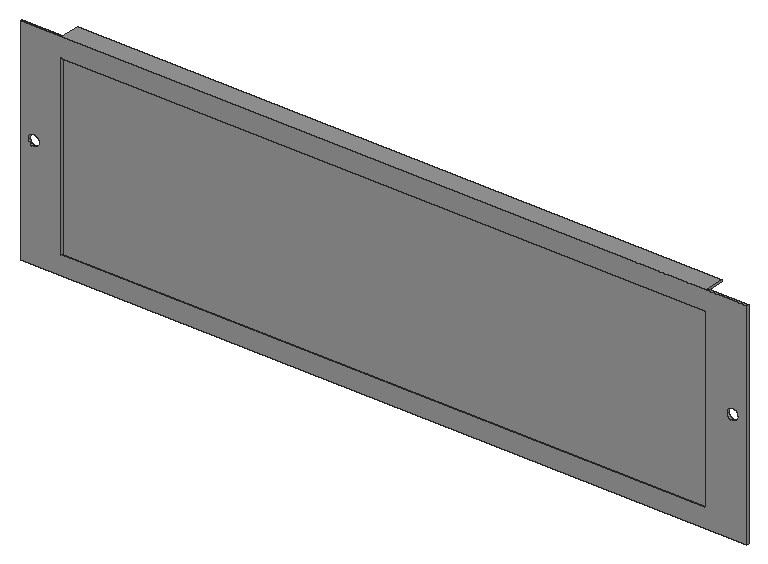
Revit family "ITK 19 Щеточный ввод кабельный ввод 390х115", category Обобщенные модели, Revit 2016
Family settings
  Тип детали = Нормальный
  Может служить основой для арматурных стержней = Нет
  Размер круглого соединителя = Использовать диаметр
  На основе рабочей плоскости = Нет
  Всегда вертикально = Да
  При загрузке вырезать с полостями = Нет
  Общий = Нет
  Точка расчета площади = Нет
Parameters (values of type "BE05-390-115M")
  Ширина = 390 mm
  Высота = 115 mm
  Описание = "Горизонтальные щеточные вводы используются для предотвращения попадания пыли внутрь шкафа и на оборудование при его обслуживании, при этом сохраняя возможность вывода коммутационных шнуров и кабелей и подведения их к оборудованию, установленному на 19-дюмовых монтажных профилях. В этом случае кабели выводятся через щеточный ввод.\r\n\r\nЩеточные вводы устанавливаются на 19-дюймовые монтажные профили, занимая при этом один или два юнита полезной высоты. Монтаж осуществляется с помощью крепежа винт-шайба-гайка, входящего в комплект поставки.\r\nСовместимы со всеми 19-дюймовыми шкафами и стойками ITK.\r\nОбладают современным привлекательным дизайном и продуманной конструкцией.\r\nУдобны в монтаже и эксплуатации.\r\nСоответствие международным стандартам ISO9001, IEC 297, ISO/IEC 11801. \r\nСертифицированы по ГОСТ Р.\r\nВсе аксессуары идут с крепежом.\r\nВозможно исполнение в двух цветах: серый (RAL7035) и черный (RAL9005).\r\nВсегда в наличии на складе.\r\nГарантия на все аксессуары до 2-х лет."  # constant formula
  Материал = Окраска - RAL 9005
  Type Comments = ""
  Изготовитель = "ITK"  # constant formula
  Глубина = 11 mm
  URL = "http://www.itk-group.ru/produktsiya/catalog/?page=section&id=562"
  ADSK_Примечание = ""
  ADSK_Позиция [instance] = ""
  ADSK_Наименование краткое = "BE05-390-115M"
  ADSK_Наименование = "ITK Щеточный кабельный ввод 390х115 мм, черный"
  ADSK_Масса = 0
  ADSK_Марка = "BE05-390-115M"
  ADSK_Код изделия = ""
  ADSK_Завод-изготовитель = "IEK"
  ADSK_Единица измерения = "шт"
  ADSK_Группирование = "I. ЩИТЫ И ПУЛЬТЫ"
Types (2, lengths in mm): name | Материал | ADSK_Наименование краткое | ADSK_Наименование | ADSK_Марка
  BE05-390-115M | Окраска - RAL 9005 | "BE05-390-115M" | "ITK Щеточный кабельный ввод 390х115 мм, черный" | "BE05-390-115M"
  BE35-390-115M | Окраска - RAL 7035 | "BE35-390-115M" | "ITK Щеточный кабельный ввод 390х115 мм, серый" | "BE35-390-115M"
Reference planes
  plane 1 "По центру (Вперед/Назад)": y = 0
  plane 2: z = 0
  plane 3 "По центру (Влево/Вправо)": x = 0
  plane 4: x = -195
  plane 5: x = 195
  plane 6: y = -1
  plane 7: x = -173
  plane 8: x = 173
  plane 9: z = 115
  plane 10: y = 10
  plane 11: z = 105
  plane 12: z = 10
Forms (mm)
  Extrusion 1, solid, material "Окраска - RAL 9005" <- "Материал", detail levels fine
    sketch origin (0, 0, 0) x (1, 0, 0) y (0, 1, 0)
      loop
        line (-195, 0) -> (-195, -1) -> (195, -1) -> (195, 0) -> (-195, 0)
    from 0 to 115
  Extrusion 2, void
    sketch origin (-2000, -1, 1200) x (-1, 0, 0) y (0, 0, -1)
      loop
        circle (-1812.475, 1140) r 2.967
      loop
        circle (-2187.525, 1140) r 2.967
    from -1 to 0
  Extrusion 3, solid, material "Окраска - RAL 9005" <- "Материал", detail levels fine
    sketch origin (-173, 2000, 1200) x (0, 1, 0) y (0, 0, 1)
      loop
        line (-1990, -1085) -> (-2000, -1085) -> (-2000, -1086) -> (-1990, -1086) -> (-1990, -1085)
      loop
        line (-2000, -1200) -> (-1990, -1200) -> (-1990, -1192) -> (-1991, -1192) -> (-1991, -1199) -> (-2000, -1199) -> (-2000, -1200)
    from 0 to 346
  Extrusion 4, void
    sketch origin (-2000, -1, 1200) x (1, 0, 0) y (0, 0, -1)
      loop
        line (1827, 1095) -> (2173, 1095) -> (2173, 1190) -> (1827, 1190) -> (1827, 1095)
    from 0 to 1
  Extrusion 5, solid, material "Окраска - RAL 9005", detail levels fine
    sketch origin (0, 0, 0) x (1, 0, 0) y (0, 1, 0)
      loop
        line (-173, 3.973) -> (-173, 0) -> (173, 0) -> (173, 3.973) -> (-173, 3.973)
    from 1 to 105
Cuts and joins
  Extrusion 2, Extrusion 4 cuts Extrusion 1
  Extrusion 4 cuts Extrusion 3
  joined: Extrusion 1, Extrusion 3
Dimensions and locks
  equal spacing: plane 4, plane 3 "По центру (Влево/Вправо)", plane 5
  "Ширина": plane 4 to plane 5
  locked: plane 8 to plane 5 at 22
  locked: plane 4 to plane 7 at 22
  "Высота": plane 9 to plane 2
  plane 6 to plane 1 "По центру (Вперед/Назад)" = 1 mm
  "Глубина": plane 6 to plane 10
  locked: plane 12 to plane 2 at 10
  locked: plane 9 to plane 11 at 10
  aligned and locked: level to plane 2
  aligned and locked: plane 1 "По центру (Вперед/Назад)" to Extrusion 1 sketch curve
  aligned and locked: plane 4 to Extrusion 1 sketch curve
  aligned and locked: Extrusion 1 sketch curve to plane 6
  aligned and locked: plane 5 to Extrusion 1 sketch curve
  aligned and locked: plane 9 to Extrusion 1
  aligned and locked: Extrusion 1 to plane 2
  aligned and locked: Extrusion 2 to plane 1 "По центру (Вперед/Назад)"
  aligned and locked: plane 6 to Extrusion 2
  aligned and locked: Extrusion 3 sketch curve to cut or joined group of Extrusion 1, Extrusion 2, Extrusion 3, Extrusion 4
  aligned and locked: Extrusion 3 to plane 8
  aligned and locked: Extrusion 3 to plane 7
  aligned and locked: level to Extrusion 3 sketch curve
  aligned and locked: Extrusion 3 sketch curve to plane 9
  aligned and locked: plane 11 to Extrusion 4 sketch curve
  aligned and locked: Extrusion 4 sketch curve to plane 12
  aligned and locked: plane 6 to Extrusion 4
  aligned and locked: Extrusion 4 to plane 1 "По центру (Вперед/Назад)"
  aligned and locked: cut or joined group of Extrusion 1, Extrusion 2, Extrusion 3, Extrusion 4 to Extrusion 5 sketch curve
  aligned and locked: Extrusion 4 to plane 7
  aligned and locked: Extrusion 4 to plane 8
  aligned and locked: cut or joined group of Extrusion 1, Extrusion 2, Extrusion 3, Extrusion 4 to Extrusion 5  (x2)
Automatic sketch dimensions
  Extrusion 3 sketch curve to plane 1 "По центру (Вперед/Назад)" = 0 mm
  Extrusion 3 sketch curve to plane 10 = 0 mm  (x2)
  plane 10 to Extrusion 3 sketch curve = 1 mm
  level to Extrusion 3 sketch curve = 1 mm
  Extrusion 3 sketch curve to Extrusion 3 sketch curve = 7 mm
  Extrusion 3 sketch curve to Extrusion 3 sketch curve = 1 mm
  Extrusion 5 sketch curve to plane 1 "По центру (Вперед/Назад)" = 3.973 mm
  Extrusion 4 sketch curve to plane 7 = 0 mm
  plane 7 to Extrusion 5 sketch curve = 0 mm
  Extrusion 4 sketch curve to plane 8 = 0 mm
  plane 8 to Extrusion 5 sketch curve = 0 mm
  Extrusion 2 sketch curve to plane 5 = 7.475 mm
  Extrusion 2 sketch curve to plane 4 = 7.475 mm
  plane 11 to Extrusion 2 sketch curve = 45 mm  (x2)
  radius of Extrusion 2 sketch curve = 2.967 mm  (x2)
